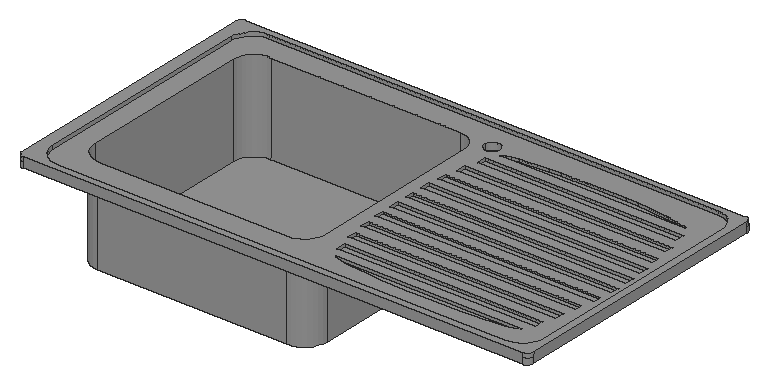
Revit family "W70230802 LAVAPLATOS BASEL", category Modelos genéricos, Revit 2015
Parameters (values of type "HJ2010114")
  Material = Bronce Cromado
Reference planes
  plane 1 "Center (Front/Back)": y = -842.943
  plane 2: z = 0
  plane 3 "Center (Left/Right)": x = 0
Forms (mm)
  Extrusion 1, solid, material "Acero inoxidable, pulido"
    sketch origin (0, 0, 0) x (1, 0, 0) y (0, 1, 0)
      loop
        line (-400, -635.443) -> (-400, -1050.443)
        arc (-400, -1050.443) -> (-397.071, -1057.514) -> (-390, -1060.443) r 10
        line (-390, -1060.443) -> (390, -1060.443)
        arc (390, -1060.443) -> (397.071, -1057.514) -> (400, -1050.443) r 10
        line (400, -1050.443) -> (400, -635.443)
        arc (400, -635.443) -> (397.071, -628.372) -> (390, -625.443) r 10
        line (390, -625.443) -> (-390, -625.443)
        arc (-390, -625.443) -> (-397.071, -628.372) -> (-400, -635.443) r 10
    from 840.122 to 850
  Extrusion 2, void
    sketch origin (439.584, 0, 0) x (1, 0, 0) y (0, 1, 0)
      loop
        circle (-404.455, -676.242) r 12
    from 816.681 to 880
  Extrusion 3, void
    sketch origin (644.919, -0.078, 0) x (-1, 0, 0) y (0, -1, 0)
      loop
        line (664.919, 669.865) -> (959.919, 669.865)
        arc (959.919, 669.865) -> (983.253, 679.53) -> (992.919, 702.865) r 33
        line (992.919, 702.865) -> (992.919, 972.865)
        arc (992.919, 972.865) -> (983.253, 996.2) -> (959.919, 1005.865) r 33
        line (959.919, 1005.865) -> (664.919, 1005.865)
        arc (664.919, 1005.865) -> (641.584, 996.2) -> (631.919, 972.865) r 33
        line (631.919, 972.865) -> (631.919, 702.865)
        arc (631.919, 702.865) -> (641.584, 679.53) -> (664.919, 669.865) r 33
    from 707.471 to 913.252
  Extrusion 4, void
    sketch origin (205.335, -0.078, 0) x (-1, 0, 0) y (0, -1, 0)
      loop
        circle (276.343, 842.865) r 20
    from 668.047 to 720
  Extrusion 5, void
    sketch origin (0, 0, -2.392) x (1, 0, 0) y (0, 1, 0)
      loop
        line (122.033, -674.996) -> (105.472, -676.196) -> (90.843, -677.612) -> (78.445, -679.215) -> (68.53, -680.972) -> (61.3, -682.848) -> (56.902, -684.804) -> (55.426, -686.801) -> (345.426, -686.801) -> (343.95, -684.804) -> (339.553, -682.848) -> (332.323, -680.972) -> (322.408, -679.215) -> (310.01, -677.612) -> (295.381, -676.196) -> (278.819, -674.996) -> (260.661, -674.037) -> (241.278, -673.337) -> (221.062, -672.912) -> (200.426, -672.769) -> (179.791, -672.912) -> (159.575, -673.337) -> (140.191, -674.037) -> (122.033, -674.996)
      loop
        line (45.161, -702.341) -> (45.161, -717.341) -> (355.161, -717.341) -> (355.161, -702.341) -> (45.161, -702.341)
      loop
        line (37.708, -733.39) -> (37.708, -748.39) -> (362.708, -748.39) -> (362.708, -733.39) -> (37.708, -733.39)
      loop
        line (32.708, -764.44) -> (32.708, -779.44) -> (367.708, -779.44) -> (367.708, -764.44) -> (32.708, -764.44)
      loop
        line (30.208, -794.44) -> (30.208, -809.44) -> (372.708, -809.44) -> (372.708, -794.44) -> (30.208, -794.44)
      loop
        line (30.208, -824.44) -> (30.208, -839.44) -> (375.208, -839.44) -> (375.208, -824.44) -> (30.208, -824.44)
      loop
        line (375.208, -869.44) -> (375.208, -854.44) -> (30.208, -854.44) -> (30.208, -869.44) -> (375.208, -869.44)
      loop
        line (30.208, -884.44) -> (30.208, -899.44) -> (372.708, -899.44) -> (372.708, -884.44) -> (30.208, -884.44)
      loop
        line (32.708, -914.44) -> (32.708, -929.44) -> (367.708, -929.44) -> (367.708, -914.44) -> (32.708, -914.44)
      loop
        line (37.708, -945.489) -> (37.708, -960.489) -> (362.708, -960.489) -> (362.708, -945.489) -> (37.708, -945.489)
      loop
        line (55.426, -1007.078) -> (56.902, -1009.075) -> (61.3, -1011.031) -> (68.53, -1012.907) -> (78.445, -1014.664) -> (90.843, -1016.267) -> (105.472, -1017.683) -> (122.033, -1018.883) -> (140.191, -1019.842) -> (159.575, -1020.542) -> (179.791, -1020.967) -> (200.426, -1021.11) -> (221.062, -1020.967) -> (241.278, -1020.542) -> (260.661, -1019.842) -> (278.819, -1018.883) -> (295.381, -1017.683) -> (310.01, -1016.267) -> (322.408, -1014.664) -> (332.323, -1012.907) -> (339.553, -1011.031) -> (343.95, -1009.075) -> (345.426, -1007.078) -> (55.426, -1007.078)
      loop
        line (45.161, -976.538) -> (45.161, -991.538) -> (355.161, -991.538) -> (355.161, -976.538) -> (45.161, -976.538)
    from 848.322 to 879.122
  Extrusion 6, solid, material "Acero inoxidable, pulido"
    sketch origin (0, 0, 790) x (1, 0, 0) y (0, 1, 0)
      loop
        line (-400, -635.443) -> (-400, -1050.443)
        arc (-400, -1050.443) -> (-397.071, -1057.514) -> (-390, -1060.443) r 10
        line (-390, -1060.443) -> (390, -1060.443)
        arc (390, -1060.443) -> (397.071, -1057.514) -> (400, -1050.443) r 10
        line (400, -1050.443) -> (400, -635.443)
        arc (400, -635.443) -> (397.071, -628.372) -> (390, -625.443) r 10
        line (390, -625.443) -> (-390, -625.443)
        arc (-390, -625.443) -> (-397.071, -628.372) -> (-400, -635.443) r 10
      loop
        arc (-380, -1016.443) -> (-370.261, -1039.954) -> (-346.75, -1049.693) r 33.25
        line (-346.75, -1049.693) -> (355.023, -1049.693)
        arc (355.023, -1049.693) -> (378.534, -1039.954) -> (388.273, -1016.443) r 33.25
        line (388.273, -1016.443) -> (388.273, -668.693)
        arc (388.273, -668.693) -> (378.534, -645.181) -> (355.023, -635.443) r 33.25
        line (355.023, -635.443) -> (-346.75, -635.443)
        arc (-346.75, -635.443) -> (-370.261, -645.181) -> (-380, -668.693) r 33.25
        line (-380, -668.693) -> (-380, -1016.443)
    from 60 to 65.622
  Extrusion 7, solid, material "Acero inoxidable, pulido"
    sketch origin (0, 0, 0) x (1, 0, 0) y (0, 1, 0)
      loop
        arc (-315, -667.943) -> (-339.749, -678.194) -> (-350, -702.943) r 35
        line (-350, -702.943) -> (-350, -972.943)
        arc (-350, -972.943) -> (-339.749, -997.691) -> (-315, -1007.943) r 35
        line (-315, -1007.943) -> (-20, -1007.943)
        arc (-20, -1007.943) -> (4.749, -997.691) -> (15, -972.943) r 35
        line (15, -972.943) -> (15, -702.943)
        arc (15, -702.943) -> (4.749, -678.194) -> (-20, -667.943) r 35
        line (-20, -667.943) -> (-315, -667.943)
    from 701.038 to 850
Cuts and joins
  Extrusion 2, Extrusion 3, Extrusion 5 cuts Extrusion 1
  Extrusion 3, Extrusion 4 cuts Extrusion 7
  joined: Extrusion 1, Extrusion 6, Extrusion 7
Lines and regions (mm)
  Filled region 1, type "lavaropa.dwg-1", in view "Ref. Level"
    outline origin (0, 0, 0) x (1, 0, 0) y (0, 1, 0)
      loop
        line (-1169.765, 898.732) -> (-1163.098, 898.732) -> (-1166.432, 918.732) -> (-1169.765, 898.732)
  Filled region 2, type "lavaropa.dwg-1", in view "Ref. Level"
    outline origin (0, 0, 0) x (1, 0, 0) y (0, 1, 0)
      loop
        line (-1169.765, 238.732) -> (-1166.432, 218.732) -> (-1163.098, 238.732) -> (-1169.765, 238.732)
  Filled region 3, type "lavaropa.dwg-1", in view "Ref. Level"
    outline origin (0, 0, 0) x (1, 0, 0) y (0, 1, 0)
      loop
        line (-1073.493, 1065.208) -> (-1093.493, 1061.875) -> (-1073.493, 1058.542) -> (-1073.493, 1065.208)
  Filled region 4, type "lavaropa.dwg-1", in view "Ref. Level"
    outline origin (0, 0, 0) x (1, 0, 0) y (0, 1, 0)
      loop
        line (-413.493, 1065.208) -> (-413.493, 1058.542) -> (-393.493, 1061.875) -> (-413.493, 1065.208)
  Filled region 5, type "lavaropa.dwg-1", in view "Ref. Level"
    outline origin (0, 0, 0) x (1, 0, 0) y (0, 1, 0)
      loop
        line (-1249.488, -1078.198) -> (-1246.154, -1098.198) -> (-1242.821, -1078.198) -> (-1249.488, -1078.198)
  Filled region 6, type "lavaropa.dwg-1", in view "Ref. Level"
    outline origin (0, 0, 0) x (1, 0, 0) y (0, 1, 0)
      loop
        line (-1249.488, -268.198) -> (-1242.821, -268.198) -> (-1246.154, -248.198) -> (-1249.488, -268.198)
  Filled region 7, type "lavaropa.dwg-1", in view "Ref. Level"
    outline origin (0, 0, 0) x (1, 0, 0) y (0, 1, 0)
      loop
        line (-298.529, -293.198) -> (-295.195, -313.198) -> (-291.862, -293.198) -> (-298.529, -293.198)
  Filled region 8, type "lavaropa.dwg-1", in view "Ref. Level"
    outline origin (0, 0, 0) x (1, 0, 0) y (0, 1, 0)
      loop
        line (-298.529, -268.198) -> (-291.862, -268.198) -> (-295.195, -248.198) -> (-298.529, -268.198)
  Filled region 9, type "lavaropa.dwg-1", in view "Ref. Level"
    outline origin (0, 0, 0) x (1, 0, 0) y (0, 1, 0)
      loop
        line (-1249.488, -228.198) -> (-1246.154, -248.198) -> (-1242.821, -228.198) -> (-1249.488, -228.198)
  Filled region 10, type "lavaropa.dwg-1", in view "Ref. Level"
    outline origin (0, 0, 0) x (1, 0, 0) y (0, 1, 0)
      loop
        line (-1249.488, -168.198) -> (-1242.821, -168.198) -> (-1246.154, -148.198) -> (-1249.488, -168.198)
  Filled region 11, type "lavaropa.dwg-1", in view "Ref. Level"
    outline origin (0, 0, 0) x (1, 0, 0) y (0, 1, 0)
      loop
        line (-44.084, -1078.198) -> (-40.75, -1098.198) -> (-37.417, -1078.198) -> (-44.084, -1078.198)
  Filled region 12, type "lavaropa.dwg-1", in view "Ref. Level"
    outline origin (0, 0, 0) x (1, 0, 0) y (0, 1, 0)
      loop
        line (-44.084, -333.198) -> (-37.417, -333.198) -> (-40.75, -313.198) -> (-44.084, -333.198)
  Filled region 13, type "lavaropa.dwg-1", in view "Ref. Level"
    outline origin (0, 0, 0) x (1, 0, 0) y (0, 1, 0)
      loop
        line (-44.084, -293.198) -> (-40.75, -313.198) -> (-37.417, -293.198) -> (-44.084, -293.198)
  Filled region 14, type "lavaropa.dwg-1", in view "Ref. Level"
    outline origin (0, 0, 0) x (1, 0, 0) y (0, 1, 0)
      loop
        line (-44.084, -168.198) -> (-37.417, -168.198) -> (-40.75, -148.198) -> (-44.084, -168.198)
  Filled region 15, type "lavaropa.dwg-1", in view "Ref. Level"
    outline origin (0, 0, 0) x (1, 0, 0) y (0, 1, 0)
      loop
        line (900.166, -293.198) -> (903.5, -313.198) -> (906.833, -293.198) -> (900.166, -293.198)
  Filled region 16, type "lavaropa.dwg-1", in view "Ref. Level"
    outline origin (0, 0, 0) x (1, 0, 0) y (0, 1, 0)
      loop
        line (900.166, -268.198) -> (906.833, -268.198) -> (903.5, -248.198) -> (900.166, -268.198)
  Filled region 17, type "lavaropa.dwg-1", in view "Ref. Level"
    outline origin (0, 0, 0) x (1, 0, 0) y (0, 1, 0)
      loop
        line (70.36, -66.978) -> (50.36, -70.312) -> (70.36, -73.645) -> (70.36, -66.978)
  Filled region 18, type "lavaropa.dwg-1", in view "Ref. Level"
    outline origin (0, 0, 0) x (1, 0, 0) y (0, 1, 0)
      loop
        line (729.911, -66.978) -> (729.911, -73.645) -> (749.911, -70.312) -> (729.911, -66.978)
  symbolic lines
    curve 1: line (0, -842.943, 82.5) -> (0, -842.943, 32.5)
Dimensions and locks
  cut or joined group of Extrusion 1, Extrusion 2, Extrusion 3, Extrusion 4, Extrusion 5, Extrusion 6, Extrusion 7 to cut or joined group of Extrusion 1, Extrusion 2, Extrusion 3, Extrusion 4, Extrusion 5, Extrusion 6, Extrusion 7 = 800 mm
  cut or joined group of Extrusion 1, Extrusion 2, Extrusion 3, Extrusion 4, Extrusion 5, Extrusion 6, Extrusion 7 to cut or joined group of Extrusion 1, Extrusion 2, Extrusion 3, Extrusion 4, Extrusion 5, Extrusion 6, Extrusion 7 = 435 mm
  cut or joined group of Extrusion 1, Extrusion 2, Extrusion 3, Extrusion 4, Extrusion 5, Extrusion 6, Extrusion 7 to cut or joined group of Extrusion 1, Extrusion 2, Extrusion 3, Extrusion 4, Extrusion 5, Extrusion 6, Extrusion 7 = 154.583 mm
  aligned and locked: level to plane 2
